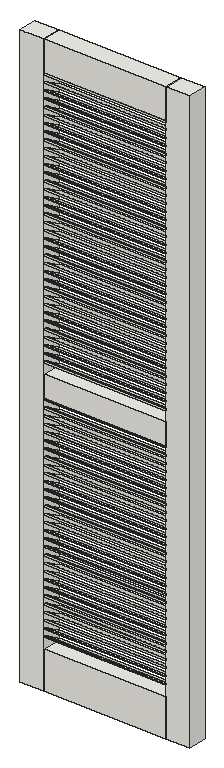
Revit family "composite-exterior-louvered-shutters", category Casework, Revit 2024
Family settings
  OmniClass Number = 23.40.35.00
  OmniClass Title = Casework
  Work Plane-Based = No
  Always vertical = Yes
  Cut with Voids When Loaded = No
  Shared = No
  Room Calculation Point = No
Parameters
  URL = "https://royalcorinthian.com/architectural-exterior-shutters/"
  Type Comments = "SHUTTERS"  # constant formula
  TOP RAIL HEIGHT = 3 1/4"
  SIDE RAIL WIDTH = 2 1/2"
  Model = "EXTERIOR LOUVERED SHUTTERS"  # constant formula
  Manufacturer = "Royal Corinthian"  # constant formula
  MATERIAL = PVC - White
  Description = "COMPOSITE EXTERIOR LOUVERED SHUTTERS"
  Depth = 2"
  Height = 62"
  Width = 18"
  Default Elevation = 0"
  CENTER RAIL LOCATION = 29"
  CENTER RAIL HEIGHT = 2 1/4"
  Bracket Height = 11 1/2"
  BOTTOM RAIL HEIGHT = 4"
Reference planes (in)
  plane 1: z = 0
  plane 2 "Center (Left/Right)": x = 1.75986
  plane 3 "Top": z = 62
  plane 4: y = -10.47093
  plane 5: y = -9.47093
  plane 6: y = -11.47093
  plane 7: x = -7.24014
  plane 8: x = 10.75986
  plane 9: x = -4.74014
  plane 10: x = 8.25986
  plane 11: z = 29
  plane 12: z = 27.875
  plane 13: z = 30.125
  plane 14: z = 4
  plane 15: z = 58.75
Dimensions and locks (in)
  "Height": level to plane 3 "Top"
  equal spacing: plane 5, plane 4, plane 6
  "Depth": plane 5 to plane 6
  "Width": plane 7 to plane 8
  equal spacing: plane 7, plane 2 "Center (Left/Right)", plane 8
  "SIDE RAIL WIDTH": plane 7 to plane 9
  "SIDE RAIL WIDTH": plane 10 to plane 8
  "CENTER RAIL LOCATION": plane 11 to plane 1
  equal spacing: plane 13, plane 11, plane 12, locked at 1.125 each
  locked: plane 3 "Top" to plane 15 at 3.25
  locked: plane 14 to plane 1 at 4
  "CENTER RAIL HEIGHT": plane 13 to plane 12
  aligned and locked: level to plane 1
  aligned and locked: plane 7 to nested 1
  aligned and locked: nested 2 to plane 8
  aligned and locked: nested 1 to plane 7
  aligned and locked: plane 4 to nested 3
  aligned and locked: nested 3 to plane 9
  aligned and locked: nested 3 to plane 11
  aligned and locked: nested 4 to plane 3 "Top"
  aligned and locked: nested 5 to plane 1
  aligned and locked: plane 10 to nested 5
  aligned and locked: plane 10 to nested 3
  aligned and locked: plane 10 to nested 4
  aligned and locked: nested 7 to plane 6
  aligned and locked: nested 6 to plane 6
  aligned and locked: plane 13 to nested 3
  aligned and locked: plane 14 to nested 5
  aligned and locked: plane 15 to nested 7
  aligned and locked: plane 10 to nested 7
  aligned and locked: nested 7 to plane 9
  aligned and locked: plane 12 to nested 6
  aligned and locked: plane 10 to nested 6
  aligned and locked: nested 6 to plane 9
  aligned and locked: plane 14 to nested 6
  aligned and locked: plane 13 to nested 7
Nested families (in)
  nested 1: "SIDES-HEADS" at (-7.75, 0.37117, 0), DEPTH <- "Depth", Height <- "Height", WIDTH <- "SIDE RAIL WIDTH", MATERIAL <- "MATERIAL", type "SIDES-HEADS 3"
    with WIDTH 2 1/2", MATERIAL PVC - White, Height 62", DEPTH 2"
  nested 2: "SIDES-HEADS" at (7.75, 0.37117, 0), DEPTH <- "Depth", Height <- "Height", WIDTH <- "SIDE RAIL WIDTH", MATERIAL <- "MATERIAL", type "SIDES-HEADS 3"
    with WIDTH 2 1/2", MATERIAL PVC - White, Height 62", DEPTH 2"
  nested 3: "SIDES-HEADS" at (-4.74014, 0.37117, 30.75986) x (0, 0, -1) z (1, 0, 0), DEPTH <- "Depth", WIDTH <- "CENTER RAIL HEIGHT", MATERIAL <- "MATERIAL", type "SIDES-HEADS 3"
    with WIDTH 2 1/4", MATERIAL PVC - White, Height 13", DEPTH 2"
  nested 4: "SIDES-HEADS" at (-4.74014, 0.37117, 62.13486) x (0, 0, -1) z (1, 0, 0), DEPTH <- "Depth", WIDTH <- "TOP RAIL HEIGHT", MATERIAL <- "MATERIAL", type "SIDES-HEADS 3"
    with WIDTH 3 1/4", MATERIAL PVC - White, Height 13", DEPTH 2"
  nested 5: "SIDES-HEADS" at (-4.74014, 0.37117, 3.75986) x (0, 0, -1) z (1, 0, 0), DEPTH <- "Depth", WIDTH <- "BOTTOM RAIL HEIGHT", MATERIAL <- "MATERIAL", type "SIDES-HEADS 3"
    with WIDTH 4", MATERIAL PVC - White, Height 13", DEPTH 2"
  nested 6: "shutter_parametric" at (1.75986, -10.47093, 25.24705), MATERIAL <- "MATERIAL", type "shutter_parametric"
    with w 13", n 30, h 23 7/8", MATERIAL PVC - White
  nested 7: "shutter_parametric" at (1.75986, -10.47093, 53.78642), MATERIAL <- "MATERIAL", type "shutter_parametric"
    with w 13", n 36, h 28.70374", MATERIAL PVC - White
Definition of nested family "SIDES-HEADS"
  Parameters (values of type "SIDES-HEADS")
    WIDTH [instance] = 13.1305"
    MATERIAL [instance] = none
    Depth = 2"  # constant formula
    Height [instance] = 66.14173"
    Width = 0.07874"
    Default Elevation = 48"
    DEPTH [instance] = 0.57029"
  Types (4): name | WIDTH | Height | Width | DEPTH
    SIDES-HEADS | 13.1305" | 66.14173" | 0.07874" | 0.57029"
    SIDES-HEADS 4 | 12.92126" | 4" | 3.93701" | 7.30373"
    SIDES-HEADS 3 | 12.92126" | 4" | 2.53937" | 7.30373"
    SIDES-HEADS 2 | 12.92126" | 4" | 12.92126" | 7.30373"
  Reference planes (in)
    plane 1: z = 0
    plane 2 "Center (Left/Right)": x = 1.75986
    plane 3: z = 4
    plane 4: y = -10.84209
    plane 5: x = -4.70077
    plane 6: x = 8.22049
    plane 7: y = -14.49396
    plane 8: y = -7.19023
  Forms (in)
    Extrusion 1, solid, material <- "MATERIAL"
      sketch origin (0, 0, 0) x (1, 0, 0) y (0, 1, 0)
        loop
          line (-4.70077, -14.49396) -> (8.22049, -14.49396) -> (8.22049, -7.19023) -> (-4.70077, -7.19023) -> (-4.70077, -14.49396)
      from 0 to 4
  Lines and regions (in)
    model lines, not visible
      curve 1: line (7.18925, 143.95917, 0) -> (7.18925, 143.15137, 0)
      curve 2: line (7.18925, 143.15137, 0) -> (-5.31665, 143.15137, 0)
      curve 3: line (-5.31665, 143.15137, 0) -> (-5.31665, 143.95917, 0)
      curve 4: line (-4.92295, 31.95917, 0) -> (-4.92295, 44.07613, 0)
      curve 5: line (-4.92295, 44.07613, 0) -> (-4.3324, 44.68198, 0)
      curve 6: line (6.89398, 143.15137, 0) -> (6.88503, 143.05512, 0)
      curve 7: line (6.88503, 143.05512, 0) -> (6.86552, 142.96052, 0)
      curve 8: line (6.86552, 142.96052, 0) -> (6.8357, 142.8688, 0)
      curve 9: line (6.8357, 142.8688, 0) -> (6.79596, 142.78112, 0)
      curve 10: line (6.79596, 142.78112, 0) -> (6.7468, 142.69863, 0)
      curve 11: line (6.7468, 142.69863, 0) -> (6.68885, 142.62237, 0)
      curve 12: line (6.68885, 142.62237, 0) -> (6.62287, 142.55333, 0)
      curve 13: line (6.62287, 142.55333, 0) -> (6.54969, 142.49239, 0)
      curve 14: line (6.54969, 142.49239, 0) -> (6.47027, 142.44034, 0)
      curve 15: line (6.47027, 142.44034, 0) -> (6.38561, 142.39784, 0)
      curve 16: line (6.38561, 142.39784, 0) -> (6.29681, 142.36545, 0)
      curve 17: line (6.29681, 142.36545, 0) -> (6.205, 142.34357, 0)
      curve 18: line (6.205, 142.34357, 0) -> (-4.3324, 142.34357, 0)
      curve 19: line (-4.3324, 142.34357, 0) -> (-4.4242, 142.36545, 0)
      curve 20: line (-4.4242, 142.36545, 0) -> (-4.51301, 142.39784, 0)
      curve 21: line (-4.51301, 142.39784, 0) -> (-4.59766, 142.44034, 0)
      curve 22: line (-4.59766, 142.44034, 0) -> (-4.67709, 142.49239, 0)
      curve 23: line (-4.67709, 142.49239, 0) -> (-4.75027, 142.55333, 0)
      curve 24: line (-4.75027, 142.55333, 0) -> (-4.81625, 142.62237, 0)
      curve 25: line (-4.81625, 142.62237, 0) -> (-4.87419, 142.69863, 0)
      curve 26: line (-4.87419, 142.69863, 0) -> (-4.92335, 142.78112, 0)
      curve 27: line (-4.92335, 142.78112, 0) -> (-4.9631, 142.8688, 0)
      curve 28: line (-4.9631, 142.8688, 0) -> (-4.99292, 142.96052, 0)
      curve 29: line (-4.99292, 142.96052, 0) -> (-5.01243, 143.05512, 0)
      curve 30: line (-5.01243, 143.05512, 0) -> (-5.02138, 143.15137, 0)
      curve 31: line (6.79555, 31.95917, 0) -> (6.79555, 44.07613, 0)
      curve 32: line (6.79555, 44.07613, 0) -> (6.205, 44.68198, 0)
      curve 33: line (6.205, 44.68198, 0) -> (-4.3324, 44.68198, 0)
      curve 34: line (-4.3324, 44.68198, 0) -> (-4.45977, 44.69918, 0)
      curve 35: line (-4.45977, 44.69918, 0) -> (-4.57846, 44.74962, 0)
      curve 36: line (-4.57846, 44.74962, 0) -> (-4.68038, 44.82985, 0)
      curve 37: line (-4.68038, 44.82985, 0) -> (-4.75859, 44.93442, 0)
      curve 38: line (-4.75859, 44.93442, 0) -> (-4.80776, 45.05618, 0)
      curve 39: line (-4.80776, 45.05618, 0) -> (-4.82453, 45.18685, 0)
      curve 40: line (-4.82453, 45.18685, 0) -> (-4.80776, 45.31753, 0)
      curve 41: line (-4.80776, 45.31753, 0) -> (-4.75859, 45.43929, 0)
      curve 42: line (-4.75859, 45.43929, 0) -> (-4.68038, 45.54385, 0)
      curve 43: line (-4.68038, 45.54385, 0) -> (-4.57846, 45.62409, 0)
      curve 44: line (-4.57846, 45.62409, 0) -> (-4.45977, 45.67452, 0)
      curve 45: line (-4.45977, 45.67452, 0) -> (-4.3324, 45.69173, 0)
      curve 46: line (-4.3324, 45.69173, 0) -> (6.205, 45.69173, 0)
      curve 47: line (6.205, 45.69173, 0) -> (6.33237, 45.67452, 0)
      curve 48: line (6.33237, 45.67452, 0) -> (6.45107, 45.62409, 0)
      curve 49: line (6.45107, 45.62409, 0) -> (6.55299, 45.54385, 0)
      curve 50: line (6.55299, 45.54385, 0) -> (6.6312, 45.43929, 0)
      curve 51: line (6.6312, 45.43929, 0) -> (6.68036, 45.31753, 0)
      curve 52: line (6.68036, 45.31753, 0) -> (6.69713, 45.18685, 0)
      curve 53: line (6.69713, 45.18685, 0) -> (6.68036, 45.05618, 0)
      curve 54: line (6.68036, 45.05618, 0) -> (6.6312, 44.93442, 0)
      curve 55: line (6.6312, 44.93442, 0) -> (6.55299, 44.82985, 0)
      curve 56: line (6.205, 135.47729, 0) -> (-4.3324, 135.47729, 0)
      curve 57: line (-4.3324, 135.47729, 0) -> (-4.43575, 135.48257, 0)
      curve 58: line (-4.43575, 135.48257, 0) -> (-4.5375, 135.50195, 0)
      curve 59: line (-4.5375, 135.50195, 0) -> (-4.63581, 135.53507, 0)
      curve 60: line (-4.63581, 135.53507, 0) -> (-4.72895, 135.58134, 0)
      curve 61: line (-4.72895, 135.58134, 0) -> (-4.81523, 135.63995, 0)
      curve 62: line (-4.81523, 135.63995, 0) -> (-4.89313, 135.70983, 0)
      curve 63: line (-4.89313, 135.70983, 0) -> (-4.96125, 135.78975, 0)
      curve 64: line (-4.96125, 135.78975, 0) -> (-5.01838, 135.87827, 0)
      curve 65: line (-5.01838, 135.87827, 0) -> (-5.06348, 135.97381, 0)
      curve 66: line (-5.06348, 135.97381, 0) -> (-5.09577, 136.07468, 0)
      curve 67: line (-5.09577, 136.07468, 0) -> (-5.11465, 136.17906, 0)
      curve 68: line (-5.11465, 136.17906, 0) -> (-5.1198, 136.28509, 0)
      curve 69: line (-5.1198, 136.28509, 0) -> (6.9924, 136.28509, 0)
      curve 70: line (6.9924, 136.28509, 0) -> (6.98725, 136.17906, 0)
      curve 71: line (6.98725, 136.17906, 0) -> (6.96837, 136.07468, 0)
      curve 72: line (6.96837, 136.07468, 0) -> (6.93609, 135.97381, 0)
      curve 73: line (6.93609, 135.97381, 0) -> (6.89098, 135.87827, 0)
      curve 74: line (6.89098, 135.87827, 0) -> (6.83386, 135.78975, 0)
      curve 75: line (6.83386, 135.78975, 0) -> (6.76574, 135.70983, 0)
      curve 76: line (6.76574, 135.70983, 0) -> (6.68784, 135.63995, 0)
      curve 77: line (6.68784, 135.63995, 0) -> (6.60155, 135.58134, 0)
      curve 78: line (6.60155, 135.58134, 0) -> (6.50842, 135.53507, 0)
      curve 79: line (6.50842, 135.53507, 0) -> (6.4101, 135.50195, 0)
      curve 80: line (6.4101, 135.50195, 0) -> (6.30836, 135.48257, 0)
      curve 81: line (6.30836, 135.48257, 0) -> (6.205, 135.47729, 0)
      curve 82: line (6.205, 135.47729, 0) -> (6.205, 135.07339, 0)
      curve 83: line (6.205, 135.07339, 0) -> (6.15361, 135.06994, 0)
      curve 84: line (6.15361, 135.06994, 0) -> (6.10311, 135.05963, 0)
      curve 85: line (6.10311, 135.05963, 0) -> (6.05434, 135.04265, 0)
      curve 86: line (6.05434, 135.04265, 0) -> (6.00815, 135.01928, 0)
      curve 87: line (6.00815, 135.01928, 0) -> (5.96533, 134.98993, 0)
      curve 88: line (5.96533, 134.98993, 0) -> (5.92661, 134.95509, 0)
      curve 89: line (5.92661, 134.95509, 0) -> (5.89266, 134.91537, 0)
      curve 90: line (5.89266, 134.91537, 0) -> (5.86405, 134.87144, 0)
      curve 91: line (5.86405, 134.87144, 0) -> (5.84127, 134.82406, 0)
      curve 92: line (5.84127, 134.82406, 0) -> (5.82472, 134.77403, 0)
      curve 93: line (5.82472, 134.77403, 0) -> (5.81467, 134.72221, 0)
      curve 94: line (5.81467, 134.72221, 0) -> (5.8113, 134.66949, 0)
      curve 95: line (5.8113, 134.66949, 0) -> (5.8113, 46.49953, 0)
      curve 96: line (5.8113, 46.49953, 0) -> (5.81467, 46.44681, 0)
      curve 97: line (5.81467, 46.44681, 0) -> (5.82472, 46.39499, 0)
      curve 98: line (5.82472, 46.39499, 0) -> (5.84127, 46.34496, 0)
      curve 99: line (5.84127, 46.34496, 0) -> (5.86405, 46.29758, 0)
      curve 100: line (5.86405, 46.29758, 0) -> (5.89266, 46.25365, 0)
      curve 101: line (5.89266, 46.25365, 0) -> (5.92661, 46.21393, 0)
      curve 102: line (5.92661, 46.21393, 0) -> (5.96533, 46.17909, 0)
      curve 103: line (5.96533, 46.17909, 0) -> (6.00815, 46.14974, 0)
      curve 104: line (6.00815, 46.14974, 0) -> (6.05434, 46.12637, 0)
      curve 105: line (6.05434, 46.12637, 0) -> (6.10311, 46.10939, 0)
      curve 106: line (6.10311, 46.10939, 0) -> (6.15361, 46.09908, 0)
      curve 107: line (6.15361, 46.09908, 0) -> (6.205, 46.09563, 0)
      curve 108: line (6.205, 46.09563, 0) -> (-4.3324, 46.09563, 0)
      curve 109: line (-4.3324, 46.09563, 0) -> (-4.3324, 45.69173, 0)
      curve 110: line (6.55299, 44.82985, 0) -> (6.45107, 44.74962, 0)
      curve 111: line (6.45107, 44.74962, 0) -> (6.33237, 44.69918, 0)
      curve 112: line (6.33237, 44.69918, 0) -> (6.205, 44.68198, 0)
      curve 113: line (6.205, 135.07339, 0) -> (-4.3324, 135.07339, 0)
      curve 114: line (-4.3324, 135.07339, 0) -> (-4.3324, 135.47729, 0)
      curve 115: line (6.205, 142.34357, 0) -> (6.205, 141.93967, 0)
      curve 116: line (6.205, 141.93967, 0) -> (-4.3324, 141.93967, 0)
      curve 117: line (-4.3324, 141.93967, 0) -> (-4.3324, 142.34357, 0)
      curve 118: line (-4.3324, 46.09563, 0) -> (-4.28101, 46.09908, 0)
      curve 119: line (-4.28101, 46.09908, 0) -> (-4.2305, 46.10939, 0)
      curve 120: line (-4.2305, 46.10939, 0) -> (-4.18174, 46.12637, 0)
      curve 121: line (-4.18174, 46.12637, 0) -> (-4.13555, 46.14974, 0)
      curve 122: line (-4.13555, 46.14974, 0) -> (-4.09273, 46.17909, 0)
      curve 123: line (-4.09273, 46.17909, 0) -> (-4.05401, 46.21393, 0)
      curve 124: line (-4.05401, 46.21393, 0) -> (-4.02006, 46.25365, 0)
      curve 125: line (-4.02006, 46.25365, 0) -> (-3.99144, 46.29758, 0)
      curve 126: line (-3.99144, 46.29758, 0) -> (-3.96867, 46.34496, 0)
      curve 127: line (-3.96867, 46.34496, 0) -> (-3.95211, 46.39499, 0)
      curve 128: line (-3.95211, 46.39499, 0) -> (-3.94207, 46.44681, 0)
      curve 129: line (6.205, 45.69173, 0) -> (6.205, 46.09563, 0)
      curve 130: line (-3.94207, 46.44681, 0) -> (-3.9387, 46.49953, 0)
      curve 131: line (-3.9387, 46.49953, 0) -> (-3.9387, 134.66949, 0)
      curve 132: line (-3.9387, 134.66949, 0) -> (-3.94207, 134.72221, 0)
      curve 133: line (-3.94207, 134.72221, 0) -> (-3.95211, 134.77403, 0)
      curve 134: line (-3.95211, 134.77403, 0) -> (-3.96867, 134.82406, 0)
      curve 135: line (-3.96867, 134.82406, 0) -> (-3.99144, 134.87144, 0)
      curve 136: line (-3.99144, 134.87144, 0) -> (-4.02006, 134.91537, 0)
      curve 137: line (-4.02006, 134.91537, 0) -> (-4.05401, 134.95509, 0)
      curve 138: line (-4.05401, 134.95509, 0) -> (-4.09273, 134.98993, 0)
      curve 139: line (-4.09273, 134.98993, 0) -> (-4.13555, 135.01928, 0)
      curve 140: line (-4.13555, 135.01928, 0) -> (-4.18174, 135.04265, 0)
      curve 141: line (-4.18174, 135.04265, 0) -> (-4.2305, 135.05963, 0)
      curve 142: line (-4.2305, 135.05963, 0) -> (-4.28101, 135.06994, 0)
      curve 143: line (-4.28101, 135.06994, 0) -> (-4.3324, 135.07339, 0)
      curve 144: line (6.205, 141.93967, 0) -> (6.15361, 141.93622, 0)
      curve 145: line (6.15361, 141.93622, 0) -> (6.10311, 141.92591, 0)
      curve 146: line (6.10311, 141.92591, 0) -> (6.05434, 141.90893, 0)
      curve 147: line (6.05434, 141.90893, 0) -> (6.00815, 141.88556, 0)
      curve 148: line (6.00815, 141.88556, 0) -> (5.96533, 141.85621, 0)
      curve 149: line (-3.9387, 136.28509, 0) -> (-3.9387, 141.53577, 0)
      curve 150: line (-3.9387, 141.53577, 0) -> (-3.94207, 141.58849, 0)
      curve 151: line (-3.94207, 141.58849, 0) -> (-3.95211, 141.64031, 0)
      curve 152: line (-3.95211, 141.64031, 0) -> (-3.96867, 141.69034, 0)
      curve 153: line (-3.96867, 141.69034, 0) -> (-3.99144, 141.73772, 0)
      curve 154: line (-3.99144, 141.73772, 0) -> (-4.02006, 141.78165, 0)
      curve 155: line (-4.02006, 141.78165, 0) -> (-4.05401, 141.82137, 0)
      curve 156: line (-4.05401, 141.82137, 0) -> (-4.09273, 141.85621, 0)
      curve 157: line (-4.09273, 141.85621, 0) -> (-4.13555, 141.88556, 0)
      curve 158: line (-4.13555, 141.88556, 0) -> (-4.18174, 141.90893, 0)
      curve 159: line (-4.18174, 141.90893, 0) -> (-4.2305, 141.92591, 0)
      curve 160: line (-4.2305, 141.92591, 0) -> (-4.28101, 141.93622, 0)
      curve 161: line (-4.28101, 141.93622, 0) -> (-4.3324, 141.93967, 0)
      curve 162: line (5.8113, 136.28509, 0) -> (5.8113, 141.53577, 0)
      curve 163: line (5.8113, 141.53577, 0) -> (5.81467, 141.58849, 0)
      curve 164: line (5.81467, 141.58849, 0) -> (5.82472, 141.64031, 0)
      curve 165: line (5.82472, 141.64031, 0) -> (5.84127, 141.69034, 0)
      curve 166: line (5.84127, 141.69034, 0) -> (5.86405, 141.73772, 0)
      curve 167: line (5.86405, 141.73772, 0) -> (5.89266, 141.78165, 0)
      curve 168: line (5.89266, 141.78165, 0) -> (5.92661, 141.82137, 0)
      curve 169: line (5.92661, 141.82137, 0) -> (5.96533, 141.85621, 0)
      curve 170: line (-5.31665, 143.95917, 0) -> (7.18925, 143.95917, 0)
      curve 171: line (-4.92295, 31.95917, 0) -> (6.79555, 31.95917, 0)
  Dimensions and locks (in)
    "Height": plane 3 to plane 1
    "DEPTH": plane 7 to plane 8
    "WIDTH": plane 5 to plane 6
    equal spacing: plane 5, plane 2 "Center (Left/Right)", plane 6
    equal spacing: plane 7, plane 4, plane 8
    aligned and locked: level to plane 1
    aligned and locked: Extrusion 1 to plane 7
    aligned and locked: plane 8 to Extrusion 1
    aligned and locked: Extrusion 1 sketch curve to plane 5
    aligned and locked: plane 7 to Extrusion 1 sketch curve
    aligned and locked: plane 6 to Extrusion 1 sketch curve
    aligned and locked: plane 8 to Extrusion 1 sketch curve
    aligned and locked: plane 3 to Extrusion 1
Definition of nested family "shutter_parametric"
  Parameters (values of type "shutter_parametric (1)")
    w [instance] = 13"
    n [instance] = h / 0.7874"  # 36
    h [instance] = 28 5/8"
    MATERIAL [instance] = none
    Default Elevation = 0"
  Types (2): name
    shutter_parametric (1)
    shutter_parametric (1) 2
  Reference planes (in)
    plane 1 "Center (Front/Back)": y = 0
    plane 2: z = -9.30955
    plane 3 "Center (Left/Right)": x = 0
    plane 4: x = -6.5
    plane 5: x = 6.5
    plane 6: z = 5.00295
    plane 7: z = -23.62205
  Dimensions and locks (in)
    equal spacing: plane 4, plane 3 "Center (Left/Right)", plane 5
    "w": plane 4 to plane 5
    equal spacing: plane 6, plane 2, plane 7
    equal spacing: group 1, group 3, group 4, group 5, group 6, group 7, group 8, group 9, group 10, group 11, group 12, group 13, group 14, group 15, group 16, group 17, group 18, group 19, group 20, group 21, group 22, group 23, group 24, group 25, group 26, group 27, group 28, group 29, group 30, group 31, group 32, group 33, group 34, group 35, group 36, group 2  (x3)
    "h": plane 6 to plane 7
    aligned and locked: plane 4 to nested 1
    aligned and locked: nested 1 to plane 5
    aligned and locked: plane 7 to nested 1
    aligned and locked: nested 2 to plane 6
  Nested families (in)
    nested 1: "shutters" at (0, 0, -22.96763), w <- "w", MATERIAL <- "MATERIAL", type "shutters"
      with w 13"
    nested 2: "shutters" at (0, 0, 4.31004), w <- "w", MATERIAL <- "MATERIAL", type "shutters"
      with w 13"
    nested 3: "shutters" at (0, 0, -22.18827), w <- "w", MATERIAL <- "MATERIAL", type "shutters"
      with w 13"
    nested 4: "shutters" at (0, 0, -21.40891), w <- "w", MATERIAL <- "MATERIAL", type "shutters"
      with w 13"
    nested 5: "shutters" at (0, 0, -20.62955), w <- "w", MATERIAL <- "MATERIAL", type "shutters"
      with w 13"
    nested 6: "shutters" at (0, 0, -19.85018), w <- "w", MATERIAL <- "MATERIAL", type "shutters"
      with w 13"
    nested 7: "shutters" at (0, 0, -19.07082), w <- "w", MATERIAL <- "MATERIAL", type "shutters"
      with w 13"
    nested 8: "shutters" at (0, 0, -18.29146), w <- "w", MATERIAL <- "MATERIAL", type "shutters"
      with w 13"
    nested 9: "shutters" at (0, 0, -17.5121), w <- "w", MATERIAL <- "MATERIAL", type "shutters"
      with w 13"
    nested 10: "shutters" at (0, 0, -16.73274), w <- "w", MATERIAL <- "MATERIAL", type "shutters"
      with w 13"
    nested 11: "shutters" at (0, 0, -15.95337), w <- "w", MATERIAL <- "MATERIAL", type "shutters"
      with w 13"
    nested 12: "shutters" at (0, 0, -15.17401), w <- "w", MATERIAL <- "MATERIAL", type "shutters"
      with w 13"
    nested 13: "shutters" at (0, 0, -14.39465), w <- "w", MATERIAL <- "MATERIAL", type "shutters"
      with w 13"
    nested 14: "shutters" at (0, 0, -13.61529), w <- "w", MATERIAL <- "MATERIAL", type "shutters"
      with w 13"
    nested 15: "shutters" at (0, 0, -12.83593), w <- "w", MATERIAL <- "MATERIAL", type "shutters"
      with w 13"
    nested 16: "shutters" at (0, 0, -12.05656), w <- "w", MATERIAL <- "MATERIAL", type "shutters"
      with w 13"
    nested 17: "shutters" at (0, 0, -11.2772), w <- "w", MATERIAL <- "MATERIAL", type "shutters"
      with w 13"
    nested 18: "shutters" at (0, 0, -10.49784), w <- "w", MATERIAL <- "MATERIAL", type "shutters"
      with w 13"
    nested 19: "shutters" at (0, 0, -9.71848), w <- "w", MATERIAL <- "MATERIAL", type "shutters"
      with w 13"
    nested 20: "shutters" at (0, 0, -8.93912), w <- "w", MATERIAL <- "MATERIAL", type "shutters"
      with w 13"
    nested 21: "shutters" at (0, 0, -8.15975), w <- "w", MATERIAL <- "MATERIAL", type "shutters"
      with w 13"
    nested 22: "shutters" at (0, 0, -7.38039), w <- "w", MATERIAL <- "MATERIAL", type "shutters"
      with w 13"
    nested 23: "shutters" at (0, 0, -6.60103), w <- "w", MATERIAL <- "MATERIAL", type "shutters"
      with w 13"
    nested 24: "shutters" at (0, 0, -5.82167), w <- "w", MATERIAL <- "MATERIAL", type "shutters"
      with w 13"
    nested 25: "shutters" at (0, 0, -5.0423), w <- "w", MATERIAL <- "MATERIAL", type "shutters"
      with w 13"
    nested 26: "shutters" at (0, 0, -4.26294), w <- "w", MATERIAL <- "MATERIAL", type "shutters"
      with w 13"
    nested 27: "shutters" at (0, 0, -3.48358), w <- "w", MATERIAL <- "MATERIAL", type "shutters"
      with w 13"
    nested 28: "shutters" at (0, 0, -2.70422), w <- "w", MATERIAL <- "MATERIAL", type "shutters"
      with w 13"
    nested 29: "shutters" at (0, 0, -1.92486), w <- "w", MATERIAL <- "MATERIAL", type "shutters"
      with w 13"
    nested 30: "shutters" at (0, 0, -1.14549), w <- "w", MATERIAL <- "MATERIAL", type "shutters"
      with w 13"
    nested 31: "shutters" at (0, 0, -0.36613), w <- "w", MATERIAL <- "MATERIAL", type "shutters"
      with w 13"
    nested 32: "shutters" at (0, 0, 0.41323), w <- "w", MATERIAL <- "MATERIAL", type "shutters"
      with w 13"
    nested 33: "shutters" at (0, 0, 1.19259), w <- "w", MATERIAL <- "MATERIAL", type "shutters"
      with w 13"
    nested 34: "shutters" at (0, 0, 1.97195), w <- "w", MATERIAL <- "MATERIAL", type "shutters"
      with w 13"
    nested 35: "shutters" at (0, 0, 2.75132), w <- "w", MATERIAL <- "MATERIAL", type "shutters"
      with w 13"
    nested 36: "shutters" at (0, 0, 3.53068), w <- "w", MATERIAL <- "MATERIAL", type "shutters"
      with w 13"
  Definition of nested family "shutters"
    Parameters (values of type "shutters")
      w [instance] = 16.45193"
      MATERIAL [instance] = none
      Default Elevation = 0"
    Reference planes (in)
      plane 1 "Center (Front/Back)": y = 0
      plane 2: z = 0
      plane 3 "Center (Left/Right)": x = 0
      plane 4: x = -8.22597
      plane 5: x = 8.22597
      plane 6: z = -0.57568
      plane 7: z = 0.61417
      plane 8: z = 0.69291
      plane 9: z = -0.65442
    Forms (in)
      Extrusion 1, solid, material <- "MATERIAL"
        sketch origin (0, 0, 0.11417) x (0, 1, 0) y (0, 0, 1)
          loop
            line (1, -0.57735) -> (-0.86603, 0.5) -> (-1, 0.5) -> (-1, 0.35005) -> (0.80115, -0.68985) -> (1, -0.68985) -> (1, -0.57735)
        from -8.22597 to 8.22597
    Dimensions and locks (in)
      equal spacing: plane 5, plane 3 "Center (Left/Right)", plane 4
      "w": plane 5 to plane 4
      aligned and locked: level to plane 2
      aligned and locked: Extrusion 1 to plane 4
      aligned and locked: plane 5 to Extrusion 1
    Automatic sketch dimensions
      level to Extrusion 1 sketch curve = 0.46422"
      plane 1 "Center (Front/Back)" to Extrusion 1 sketch curve = 1"
      Extrusion 1 sketch curve to Extrusion 1 sketch curve = 0.13397"
      Extrusion 1 sketch curve to plane 1 "Center (Front/Back)" = 0.80115"
      Extrusion 1 sketch curve to Extrusion 1 sketch curve = 0.19885"
      Extrusion 1 sketch curve to level = 0.46318"
      Extrusion 1 sketch curve to Extrusion 1 sketch curve = 0.1125"
      Extrusion 1 sketch curve to Extrusion 1 sketch curve = 0.14995"
